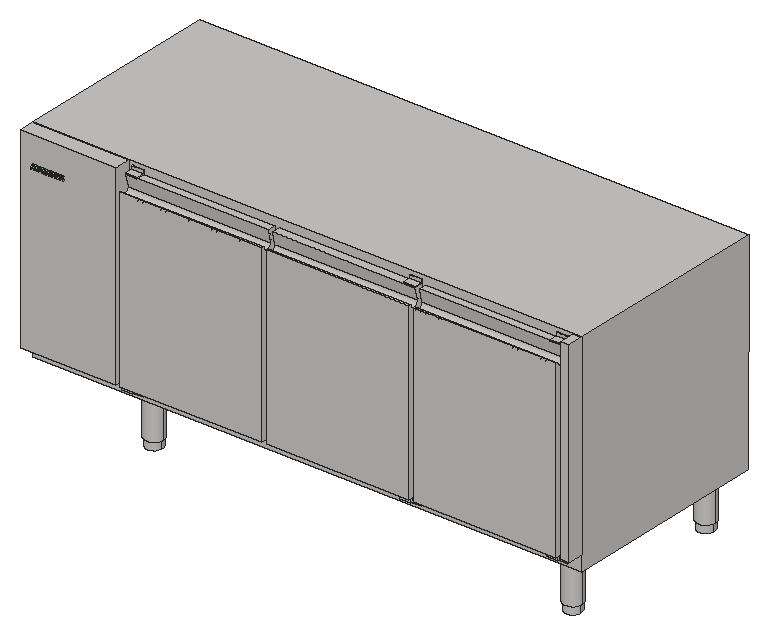
Revit family "QF_ALPENINOX_721123_AA3R7AAA", category Attrezzature speciali, Revit 2018 (continued)
Definition of nested family "HP_APX_BI_TN_L"
  Lines and regions (mm)
    Split face 120
      outline origin (330, -951.3, 50) x (1, 0, 0) y (0, 1, 0)
        loop
          arc (-286.464, 649.474) -> (-282.464, 653.474) -> (-286.464, 657.474) r 4
          line (-286.464, 657.474) -> (-328.464, 657.474)
    Split face 121
      outline origin (110, -951.3, 50) x (1, 0, 0) y (0, 1, 0)
        loop
          arc (-218.464, 657.474) -> (-222.464, 653.474) -> (-218.464, 649.474) r 4
          line (-218.464, 649.474) -> (-176.464, 649.474)
          arc (-176.464, 649.474) -> (-172.464, 653.474) -> (-176.464, 657.474) r 4
          line (-176.464, 657.474) -> (-218.464, 657.474)
    Split face 122
      outline origin (220, -951.3, 50) x (1, 0, 0) y (0, 1, 0)
        loop
          arc (-273.464, 657.474) -> (-277.464, 653.474) -> (-273.464, 649.474) r 4
          line (-273.464, 649.474) -> (-231.464, 649.474)
          arc (-231.464, 649.474) -> (-227.464, 653.474) -> (-231.464, 657.474) r 4
          line (-231.464, 657.474) -> (-273.464, 657.474)
    Split face 123
      outline origin (0, -975.3, 50) x (1, 0, 0) y (0, 1, 0)
        loop
          arc (-163.464, 669.474) -> (-167.464, 665.474) -> (-163.464, 661.474) r 4
          line (-163.464, 661.474) -> (-121.464, 661.474)
          arc (-121.464, 661.474) -> (-117.464, 665.474) -> (-121.464, 669.474) r 4
          line (-121.464, 669.474) -> (-163.464, 669.474)
    Split face 124
      outline origin (330, -975.3, 50) x (1, 0, 0) y (0, 1, 0)
        loop
          arc (-328.464, 669.474) -> (-332.464, 665.474) -> (-328.464, 661.474) r 4
          line (-328.464, 661.474) -> (-286.464, 661.474)
          arc (-286.464, 661.474) -> (-282.464, 665.474) -> (-286.464, 669.474) r 4
          line (-286.464, 669.474) -> (-328.464, 669.474)
    Split face 125
      outline origin (110, -975.3, 50) x (1, 0, 0) y (0, 1, 0)
        loop
          arc (-218.464, 669.474) -> (-222.464, 665.474) -> (-218.464, 661.474) r 4
          line (-218.464, 661.474) -> (-176.464, 661.474)
          arc (-176.464, 661.474) -> (-172.464, 665.474) -> (-176.464, 669.474) r 4
          line (-176.464, 669.474) -> (-218.464, 669.474)
    Split face 126
      outline origin (220, -975.3, 50) x (1, 0, 0) y (0, 1, 0)
        loop
          arc (-273.464, 669.474) -> (-277.464, 665.474) -> (-273.464, 661.474) r 4
          line (-273.464, 661.474) -> (-231.464, 661.474)
          arc (-231.464, 661.474) -> (-227.464, 665.474) -> (-231.464, 669.474) r 4
          line (-231.464, 669.474) -> (-273.464, 669.474)
    Split face 127
      outline origin (0, -999.3, 50) x (1, 0, 0) y (0, 1, 0)
        loop
          arc (-163.464, 681.474) -> (-167.464, 677.474) -> (-163.464, 673.474) r 4
          line (-163.464, 673.474) -> (-121.464, 673.474)
          arc (-121.464, 673.474) -> (-117.464, 677.474) -> (-121.464, 681.474) r 4
          line (-121.464, 681.474) -> (-163.464, 681.474)
    Split face 128
      outline origin (330, -999.3, 50) x (1, 0, 0) y (0, 1, 0)
        loop
          arc (-328.464, 681.474) -> (-332.464, 677.474) -> (-328.464, 673.474) r 4
          line (-328.464, 673.474) -> (-286.464, 673.474)
          arc (-286.464, 673.474) -> (-282.464, 677.474) -> (-286.464, 681.474) r 4
          line (-286.464, 681.474) -> (-328.464, 681.474)
    Split face 129
      outline origin (110, -999.3, 50) x (1, 0, 0) y (0, 1, 0)
        loop
          arc (-218.464, 681.474) -> (-222.464, 677.474) -> (-218.464, 673.474) r 4
          line (-218.464, 673.474) -> (-176.464, 673.474)
          arc (-176.464, 673.474) -> (-172.464, 677.474) -> (-176.464, 681.474) r 4
          line (-176.464, 681.474) -> (-218.464, 681.474)
    Split face 130
      outline origin (220, -999.3, 50) x (1, 0, 0) y (0, 1, 0)
        loop
          arc (-273.464, 681.474) -> (-277.464, 677.474) -> (-273.464, 673.474) r 4
          line (-273.464, 673.474) -> (-231.464, 673.474)
          arc (-231.464, 673.474) -> (-227.464, 677.474) -> (-231.464, 681.474) r 4
          line (-231.464, 681.474) -> (-273.464, 681.474)
    Split face 131
      outline origin (0, -1023.3, 50) x (1, 0, 0) y (0, 1, 0)
        loop
          arc (-163.464, 693.474) -> (-167.464, 689.474) -> (-163.464, 685.474) r 4
          line (-163.464, 685.474) -> (-121.464, 685.474)
          arc (-121.464, 685.474) -> (-117.464, 689.474) -> (-121.464, 693.474) r 4
          line (-121.464, 693.474) -> (-163.464, 693.474)
    Split face 132
      outline origin (330, -1023.3, 50) x (1, 0, 0) y (0, 1, 0)
        loop
          arc (-328.464, 693.474) -> (-332.464, 689.474) -> (-328.464, 685.474) r 4
          line (-328.464, 685.474) -> (-286.464, 685.474)
          arc (-286.464, 685.474) -> (-282.464, 689.474) -> (-286.464, 693.474) r 4
          line (-286.464, 693.474) -> (-328.464, 693.474)
    Split face 133
      outline origin (110, -1023.3, 50) x (1, 0, 0) y (0, 1, 0)
        loop
          arc (-218.464, 693.474) -> (-222.464, 689.474) -> (-218.464, 685.474) r 4
          line (-218.464, 685.474) -> (-176.464, 685.474)
          arc (-176.464, 685.474) -> (-172.464, 689.474) -> (-176.464, 693.474) r 4
          line (-176.464, 693.474) -> (-218.464, 693.474)
    Split face 134
      outline origin (220, -1023.3, 50) x (1, 0, 0) y (0, 1, 0)
        loop
          arc (-273.464, 693.474) -> (-277.464, 689.474) -> (-273.464, 685.474) r 4
          line (-273.464, 685.474) -> (-231.464, 685.474)
          arc (-231.464, 685.474) -> (-227.464, 689.474) -> (-231.464, 693.474) r 4
          line (-231.464, 693.474) -> (-273.464, 693.474)
    symbolic lines
      curve 1: line (87.08, -49, 50) -> (87.08, -49, 0)
  Dimensions and locks
    equal spacing: plane 6, plane 1 "Center (Front/Back)", plane 7
    equal spacing: plane 4, plane 3 "Center (Left/Right)", plane 5
    aligned and locked: plane 2 to Extrusion 1
    aligned and locked: level to Extrusion 1
  Automatic sketch dimensions
    Split face 5 sketch curve to Split face 5 sketch curve = 42 mm
    Split face 5 sketch curve to Split face 5 sketch curve = 4 mm
    Split face 6 sketch curve to Split face 6 sketch curve = 42 mm
    Split face 6 sketch curve to Split face 6 sketch curve = 4 mm
    Split face 7 sketch curve to Split face 7 sketch curve = 42 mm
    Split face 7 sketch curve to Split face 7 sketch curve = 4 mm
    Split face 8 sketch curve to Split face 8 sketch curve = 42 mm
    Split face 8 sketch curve to Split face 8 sketch curve = 4 mm
    Split face 9 sketch curve to Split face 9 sketch curve = 42 mm
    Split face 9 sketch curve to Split face 9 sketch curve = 4 mm
    Split face 10 sketch curve to Split face 10 sketch curve = 42 mm
    Split face 10 sketch curve to Split face 10 sketch curve = 4 mm
    Split face 11 sketch curve to Split face 11 sketch curve = 42 mm
    Split face 11 sketch curve to Split face 11 sketch curve = 4 mm
    Split face 12 sketch curve to Split face 12 sketch curve = 42 mm
    Split face 12 sketch curve to Split face 12 sketch curve = 4 mm
    Split face 13 sketch curve to Split face 13 sketch curve = 42 mm
    Split face 13 sketch curve to Split face 13 sketch curve = 4 mm
    Split face 14 sketch curve to Split face 14 sketch curve = 42 mm
    Split face 14 sketch curve to Split face 14 sketch curve = 4 mm
    Split face 15 sketch curve to Split face 15 sketch curve = 42 mm
    Split face 15 sketch curve to Split face 15 sketch curve = 4 mm
    Split face 16 sketch curve to Split face 16 sketch curve = 42 mm
    Split face 16 sketch curve to Split face 16 sketch curve = 4 mm
    Split face 17 sketch curve to Split face 17 sketch curve = 42 mm
    Split face 17 sketch curve to Split face 17 sketch curve = 4 mm
    Split face 18 sketch curve to Split face 18 sketch curve = 42 mm
    Split face 18 sketch curve to Split face 18 sketch curve = 4 mm
    Split face 19 sketch curve to Split face 19 sketch curve = 42 mm
    Split face 19 sketch curve to Split face 19 sketch curve = 4 mm
    Split face 20 sketch curve to Split face 20 sketch curve = 42 mm
    Split face 20 sketch curve to Split face 20 sketch curve = 4 mm
    Split face 21 sketch curve to Split face 21 sketch curve = 42 mm
    Split face 21 sketch curve to Split face 21 sketch curve = 4 mm
    Split face 22 sketch curve to Split face 22 sketch curve = 42 mm
    Split face 22 sketch curve to Split face 22 sketch curve = 4 mm
    Split face 23 sketch curve to Split face 23 sketch curve = 42 mm
    Split face 23 sketch curve to Split face 23 sketch curve = 4 mm
    Split face 24 sketch curve to Split face 24 sketch curve = 42 mm
    Split face 24 sketch curve to Split face 24 sketch curve = 4 mm
    Split face 25 sketch curve to Split face 25 sketch curve = 42 mm
    Split face 25 sketch curve to Split face 25 sketch curve = 4 mm
    Split face 26 sketch curve to Split face 26 sketch curve = 42 mm
    Split face 26 sketch curve to Split face 26 sketch curve = 4 mm
    Split face 27 sketch curve to Split face 27 sketch curve = 42 mm
    Split face 27 sketch curve to Split face 27 sketch curve = 4 mm
    Split face 28 sketch curve to Split face 28 sketch curve = 42 mm
    Split face 28 sketch curve to Split face 28 sketch curve = 4 mm
    Split face 29 sketch curve to Split face 29 sketch curve = 42 mm
    Split face 29 sketch curve to Split face 29 sketch curve = 4 mm
    Split face 30 sketch curve to Split face 30 sketch curve = 42 mm
    Split face 30 sketch curve to Split face 30 sketch curve = 4 mm
    Split face 31 sketch curve to Split face 31 sketch curve = 42 mm
    Split face 31 sketch curve to Split face 31 sketch curve = 4 mm
    Split face 32 sketch curve to Split face 32 sketch curve = 42 mm
    Split face 32 sketch curve to Split face 32 sketch curve = 4 mm
    Split face 33 sketch curve to Split face 33 sketch curve = 42 mm
    Split face 33 sketch curve to Split face 33 sketch curve = 4 mm
    Split face 34 sketch curve to Split face 34 sketch curve = 42 mm
    Split face 34 sketch curve to Split face 34 sketch curve = 4 mm
    Split face 35 sketch curve to Split face 35 sketch curve = 42 mm
    Split face 35 sketch curve to Split face 35 sketch curve = 4 mm
    Split face 36 sketch curve to Split face 36 sketch curve = 42 mm
    Split face 36 sketch curve to Split face 36 sketch curve = 4 mm
    Split face 37 sketch curve to Split face 37 sketch curve = 42 mm
    Split face 37 sketch curve to Split face 37 sketch curve = 4 mm
    Split face 38 sketch curve to Split face 38 sketch curve = 42 mm
    Split face 38 sketch curve to Split face 38 sketch curve = 4 mm
    Split face 39 sketch curve to Split face 39 sketch curve = 42 mm
    Split face 39 sketch curve to Split face 39 sketch curve = 4 mm
    Split face 40 sketch curve to Split face 40 sketch curve = 42 mm
    Split face 40 sketch curve to Split face 40 sketch curve = 4 mm
    Split face 41 sketch curve to Split face 41 sketch curve = 42 mm
    Split face 41 sketch curve to Split face 41 sketch curve = 4 mm
    Split face 42 sketch curve to Split face 42 sketch curve = 42 mm
    Split face 42 sketch curve to Split face 42 sketch curve = 4 mm
    Split face 43 sketch curve to Split face 43 sketch curve = 42 mm
    Split face 43 sketch curve to Split face 43 sketch curve = 4 mm
    Split face 44 sketch curve to Split face 44 sketch curve = 42 mm
    Split face 44 sketch curve to Split face 44 sketch curve = 4 mm
    Split face 45 sketch curve to Split face 45 sketch curve = 42 mm
    Split face 45 sketch curve to Split face 45 sketch curve = 4 mm
    Split face 46 sketch curve to Split face 46 sketch curve = 42 mm
    Split face 46 sketch curve to Split face 46 sketch curve = 4 mm
    Split face 47 sketch curve to Split face 47 sketch curve = 42 mm
    Split face 47 sketch curve to Split face 47 sketch curve = 4 mm
    Split face 48 sketch curve to Split face 48 sketch curve = 42 mm
    Split face 48 sketch curve to Split face 48 sketch curve = 4 mm
    Split face 49 sketch curve to Split face 49 sketch curve = 42 mm
    Split face 49 sketch curve to Split face 49 sketch curve = 4 mm
    Split face 50 sketch curve to Split face 50 sketch curve = 42 mm
    Split face 50 sketch curve to Split face 50 sketch curve = 4 mm
    Split face 51 sketch curve to Split face 51 sketch curve = 42 mm
    Split face 51 sketch curve to Split face 51 sketch curve = 4 mm
    Split face 52 sketch curve to Split face 52 sketch curve = 42 mm
    Split face 52 sketch curve to Split face 52 sketch curve = 4 mm
    Split face 53 sketch curve to Split face 53 sketch curve = 42 mm
    Split face 53 sketch curve to Split face 53 sketch curve = 4 mm
    Split face 54 sketch curve to Split face 54 sketch curve = 42 mm
    Split face 54 sketch curve to Split face 54 sketch curve = 4 mm
    Split face 55 sketch curve to Split face 55 sketch curve = 42 mm
    Split face 55 sketch curve to Split face 55 sketch curve = 4 mm
    Split face 56 sketch curve to Split face 56 sketch curve = 42 mm
    Split face 56 sketch curve to Split face 56 sketch curve = 4 mm
    Split face 57 sketch curve to Split face 57 sketch curve = 42 mm
    Split face 57 sketch curve to Split face 57 sketch curve = 4 mm
    Split face 58 sketch curve to Split face 58 sketch curve = 42 mm
    Split face 58 sketch curve to Split face 58 sketch curve = 4 mm
    Split face 59 sketch curve to Split face 59 sketch curve = 42 mm
    Split face 59 sketch curve to Split face 59 sketch curve = 4 mm
    Split face 60 sketch curve to Split face 60 sketch curve = 42 mm
    Split face 60 sketch curve to Split face 60 sketch curve = 4 mm
    Split face 61 sketch curve to Split face 61 sketch curve = 42 mm
    Split face 61 sketch curve to Split face 61 sketch curve = 4 mm
    Split face 62 sketch curve to Split face 62 sketch curve = 42 mm
    Split face 62 sketch curve to Split face 62 sketch curve = 4 mm
    Split face 63 sketch curve to Split face 63 sketch curve = 42 mm
    Split face 63 sketch curve to Split face 63 sketch curve = 4 mm
    Split face 64 sketch curve to Split face 64 sketch curve = 42 mm
    Split face 64 sketch curve to Split face 64 sketch curve = 4 mm
    Split face 65 sketch curve to Split face 65 sketch curve = 42 mm
    Split face 65 sketch curve to Split face 65 sketch curve = 4 mm
    Split face 66 sketch curve to Split face 66 sketch curve = 42 mm
    Split face 66 sketch curve to Split face 66 sketch curve = 4 mm
    Split face 67 sketch curve to Split face 67 sketch curve = 42 mm
    Split face 67 sketch curve to Split face 67 sketch curve = 4 mm
    Split face 68 sketch curve to Split face 68 sketch curve = 42 mm
    Split face 68 sketch curve to Split face 68 sketch curve = 4 mm
    Split face 69 sketch curve to Split face 69 sketch curve = 42 mm
    Split face 69 sketch curve to Split face 69 sketch curve = 4 mm
    Split face 71 sketch curve to Split face 71 sketch curve = 42 mm
    Split face 71 sketch curve to Split face 71 sketch curve = 4 mm
    Split face 72 sketch curve to Split face 72 sketch curve = 42 mm
    Split face 72 sketch curve to Split face 72 sketch curve = 4 mm
    Split face 73 sketch curve to Split face 73 sketch curve = 42 mm
    Split face 73 sketch curve to Split face 73 sketch curve = 4 mm
    Split face 74 sketch curve to Split face 74 sketch curve = 42 mm
    Split face 74 sketch curve to Split face 74 sketch curve = 4 mm
    Split face 75 sketch curve to Split face 75 sketch curve = 42 mm
    Split face 75 sketch curve to Split face 75 sketch curve = 4 mm
    Split face 76 sketch curve to Split face 76 sketch curve = 42 mm
    Split face 76 sketch curve to Split face 76 sketch curve = 4 mm
    Split face 77 sketch curve to Split face 77 sketch curve = 42 mm
    Split face 77 sketch curve to Split face 77 sketch curve = 4 mm
    Split face 78 sketch curve to Split face 78 sketch curve = 42 mm
    Split face 78 sketch curve to Split face 78 sketch curve = 4 mm
    Split face 79 sketch curve to Split face 79 sketch curve = 42 mm
    Split face 79 sketch curve to Split face 79 sketch curve = 4 mm
    Split face 80 sketch curve to Split face 80 sketch curve = 42 mm
    Split face 80 sketch curve to Split face 80 sketch curve = 4 mm
    Split face 81 sketch curve to Split face 81 sketch curve = 42 mm
    Split face 81 sketch curve to Split face 81 sketch curve = 4 mm
    Split face 82 sketch curve to Split face 82 sketch curve = 42 mm
    Split face 82 sketch curve to Split face 82 sketch curve = 4 mm
    Split face 83 sketch curve to Split face 83 sketch curve = 42 mm
    Split face 83 sketch curve to Split face 83 sketch curve = 4 mm
    Split face 84 sketch curve to Split face 84 sketch curve = 42 mm
    Split face 84 sketch curve to Split face 84 sketch curve = 4 mm
    Split face 85 sketch curve to Split face 85 sketch curve = 42 mm
    Split face 85 sketch curve to Split face 85 sketch curve = 4 mm
    Split face 86 sketch curve to Split face 86 sketch curve = 42 mm
    Split face 86 sketch curve to Split face 86 sketch curve = 4 mm
    Split face 87 sketch curve to Split face 87 sketch curve = 42 mm
    Split face 87 sketch curve to Split face 87 sketch curve = 4 mm
    Split face 88 sketch curve to Split face 88 sketch curve = 42 mm
    Split face 88 sketch curve to Split face 88 sketch curve = 4 mm
    Split face 89 sketch curve to Split face 89 sketch curve = 42 mm
    Split face 89 sketch curve to Split face 89 sketch curve = 4 mm
    Split face 90 sketch curve to Split face 90 sketch curve = 42 mm
    Split face 90 sketch curve to Split face 90 sketch curve = 4 mm
    Split face 91 sketch curve to Split face 91 sketch curve = 42 mm
    Split face 91 sketch curve to Split face 91 sketch curve = 4 mm
    Split face 92 sketch curve to Split face 92 sketch curve = 42 mm
    Split face 92 sketch curve to Split face 92 sketch curve = 4 mm
    Split face 93 sketch curve to Split face 93 sketch curve = 42 mm
    Split face 93 sketch curve to Split face 93 sketch curve = 4 mm
    Split face 94 sketch curve to Split face 94 sketch curve = 42 mm
    Split face 94 sketch curve to Split face 94 sketch curve = 4 mm
    Split face 95 sketch curve to Split face 95 sketch curve = 42 mm
    Split face 95 sketch curve to Split face 95 sketch curve = 4 mm
    Split face 96 sketch curve to Split face 96 sketch curve = 42 mm
    Split face 96 sketch curve to Split face 96 sketch curve = 4 mm
    Split face 97 sketch curve to Split face 97 sketch curve = 42 mm
    Split face 97 sketch curve to Split face 97 sketch curve = 4 mm
    Split face 98 sketch curve to Split face 98 sketch curve = 42 mm
    Split face 98 sketch curve to Split face 98 sketch curve = 4 mm
    Split face 99 sketch curve to Split face 99 sketch curve = 42 mm
    Split face 99 sketch curve to Split face 99 sketch curve = 4 mm
    Split face 100 sketch curve to Split face 100 sketch curve = 42 mm
    Split face 100 sketch curve to Split face 100 sketch curve = 4 mm
    Split face 101 sketch curve to Split face 101 sketch curve = 42 mm
    Split face 101 sketch curve to Split face 101 sketch curve = 4 mm
    Split face 102 sketch curve to Split face 102 sketch curve = 42 mm
    Split face 102 sketch curve to Split face 102 sketch curve = 4 mm
    Split face 103 sketch curve to Split face 103 sketch curve = 42 mm
    Split face 103 sketch curve to Split face 103 sketch curve = 4 mm
    Split face 104 sketch curve to Split face 104 sketch curve = 42 mm
    Split face 104 sketch curve to Split face 104 sketch curve = 4 mm
    Split face 105 sketch curve to Split face 105 sketch curve = 42 mm
    Split face 105 sketch curve to Split face 105 sketch curve = 4 mm
    Split face 106 sketch curve to Split face 106 sketch curve = 42 mm
    Split face 106 sketch curve to Split face 106 sketch curve = 4 mm
    Split face 107 sketch curve to Split face 107 sketch curve = 42 mm
    Split face 107 sketch curve to Split face 107 sketch curve = 4 mm
    Split face 108 sketch curve to Split face 108 sketch curve = 42 mm
    Split face 108 sketch curve to Split face 108 sketch curve = 4 mm
    Split face 109 sketch curve to Split face 109 sketch curve = 42 mm
    Split face 109 sketch curve to Split face 109 sketch curve = 4 mm
    Split face 110 sketch curve to Split face 110 sketch curve = 42 mm
    Split face 110 sketch curve to Split face 110 sketch curve = 4 mm
    Split face 111 sketch curve to Split face 111 sketch curve = 42 mm
    Split face 111 sketch curve to Split face 111 sketch curve = 4 mm
    Split face 112 sketch curve to Split face 112 sketch curve = 42 mm
    Split face 112 sketch curve to Split face 112 sketch curve = 4 mm
    Split face 113 sketch curve to Split face 113 sketch curve = 42 mm
    Split face 113 sketch curve to Split face 113 sketch curve = 4 mm
    Split face 114 sketch curve to Split face 114 sketch curve = 42 mm
    Split face 114 sketch curve to Split face 114 sketch curve = 4 mm
    Split face 115 sketch curve to Split face 115 sketch curve = 42 mm
    Split face 115 sketch curve to Split face 115 sketch curve = 4 mm
    Split face 116 sketch curve to Split face 116 sketch curve = 42 mm
    Split face 116 sketch curve to Split face 116 sketch curve = 4 mm
    Split face 117 sketch curve to Split face 117 sketch curve = 42 mm
    Split face 117 sketch curve to Split face 117 sketch curve = 4 mm
    Split face 118 sketch curve to Split face 118 sketch curve = 42 mm
    Split face 118 sketch curve to Split face 118 sketch curve = 4 mm
    Split face 119 sketch curve to Split face 119 sketch curve = 42 mm
    Split face 119 sketch curve to Split face 119 sketch curve = 4 mm
    Split face 120 sketch curve to Split face 120 sketch curve = 42 mm
    Split face 120 sketch curve to Split face 120 sketch curve = 4 mm
    Split face 121 sketch curve to Split face 121 sketch curve = 42 mm
    Split face 121 sketch curve to Split face 121 sketch curve = 4 mm
    Split face 122 sketch curve to Split face 122 sketch curve = 42 mm
    Split face 122 sketch curve to Split face 122 sketch curve = 4 mm
    Split face 123 sketch curve to Split face 123 sketch curve = 42 mm
    Split face 123 sketch curve to Split face 123 sketch curve = 4 mm
    Split face 124 sketch curve to Split face 124 sketch curve = 42 mm
    Split face 124 sketch curve to Split face 124 sketch curve = 4 mm
    Split face 125 sketch curve to Split face 125 sketch curve = 42 mm
    Split face 125 sketch curve to Split face 125 sketch curve = 4 mm
    Split face 126 sketch curve to Split face 126 sketch curve = 42 mm
    Split face 126 sketch curve to Split face 126 sketch curve = 4 mm
    Split face 127 sketch curve to Split face 127 sketch curve = 42 mm
    Split face 127 sketch curve to Split face 127 sketch curve = 4 mm
    Split face 128 sketch curve to Split face 128 sketch curve = 42 mm
    Split face 128 sketch curve to Split face 128 sketch curve = 4 mm
    Split face 129 sketch curve to Split face 129 sketch curve = 42 mm
    Split face 129 sketch curve to Split face 129 sketch curve = 4 mm
    Split face 130 sketch curve to Split face 130 sketch curve = 42 mm
    Split face 130 sketch curve to Split face 130 sketch curve = 4 mm
    Split face 131 sketch curve to Split face 131 sketch curve = 42 mm
    Split face 131 sketch curve to Split face 131 sketch curve = 4 mm
    Split face 132 sketch curve to Split face 132 sketch curve = 42 mm
    Split face 132 sketch curve to Split face 132 sketch curve = 4 mm
    Split face 133 sketch curve to Split face 133 sketch curve = 42 mm
    Split face 133 sketch curve to Split face 133 sketch curve = 4 mm
    Split face 134 sketch curve to Split face 134 sketch curve = 42 mm
    Split face 134 sketch curve to Split face 134 sketch curve = 4 mm
    Extrusion 1 sketch curve to Extrusion 1 sketch curve = 2438.4 mm  (x2)
    Extrusion 2 sketch curve to plane 4 = 0 mm
    Extrusion 2 sketch curve to plane 5 = 0 mm
    Extrusion 2 sketch curve to plane 7 = 0 mm
    Extrusion 2 sketch curve to plane 6 = 0 mm
    Split face 1 sketch curve to Extrusion 2 = 0 mm  (x2)
    Split face 1 sketch curve to Extrusion 2 = 34 mm
    Split face 1 sketch curve to Extrusion 2 = 104 mm
    Split face 1 sketch curve to Split face 1 sketch curve = 17.5 mm
    Split face 2 sketch curve to Extrusion 2 = 130.5 mm
    Split face 2 sketch curve to Extrusion 2 = 60.5 mm
    Split face 2 sketch curve to Extrusion 2 = 98 mm
    Split face 2 sketch curve to Split face 2 sketch curve = 23 mm
    Split face 3 sketch curve to Extrusion 2 = 80.5 mm
    Split face 3 sketch curve to Split face 3 sketch curve = 17 mm  (x2)
    Split face 3 sketch curve to Extrusion 2 = 95 mm
    plane 4 to Extrusion 3 sketch curve = 34.51 mm
    Extrusion 3 sketch curve to Extrusion 3 sketch curve = 1.266 mm
    Extrusion 3 sketch curve to Extrusion 3 sketch curve = 1.307 mm
    Extrusion 3 sketch curve to Extrusion 3 sketch curve = 0.57 mm
    Extrusion 3 sketch curve to Extrusion 3 sketch curve = 0.593 mm
    Extrusion 3 sketch curve to Extrusion 3 sketch curve = 0.799 mm
    Extrusion 3 sketch curve to Extrusion 3 sketch curve = 1.99 mm  (x2)
    Extrusion 3 sketch curve to Extrusion 3 sketch curve = 0.003 mm
    Extrusion 3 sketch curve to Extrusion 3 sketch curve = 3.534 mm
    Extrusion 3 sketch curve to Extrusion 3 sketch curve = 0.835 mm
    Extrusion 3 sketch curve to Extrusion 3 sketch curve = 0.56 mm
    Extrusion 3 sketch curve to Extrusion 3 sketch curve = 1.268 mm
    Extrusion 3 sketch curve to Extrusion 3 sketch curve = 1.223 mm
    Extrusion 3 sketch curve to Extrusion 3 sketch curve = 1.344 mm
    Extrusion 3 sketch curve to Extrusion 3 sketch curve = 1.394 mm  (x2)
    Extrusion 3 sketch curve to Extrusion 3 sketch curve = 1.512 mm
    Extrusion 3 sketch curve to Extrusion 3 sketch curve = 3.309 mm
    Extrusion 3 sketch curve to Extrusion 3 sketch curve = 5.841 mm
    Extrusion 3 sketch curve to Extrusion 3 sketch curve = 1.393 mm
    Extrusion 3 sketch curve to Extrusion 3 sketch curve = 1.439 mm
    Extrusion 3 sketch curve to Extrusion 3 sketch curve = 0 mm  (x19)
    Extrusion 3 sketch curve to Extrusion 3 sketch curve = 1.902 mm
    Extrusion 3 sketch curve to Extrusion 3 sketch curve = 0.052 mm
    Extrusion 3 sketch curve to Extrusion 3 sketch curve = 2.065 mm
    Extrusion 3 sketch curve to Extrusion 3 sketch curve = 0.647 mm
    Extrusion 3 sketch curve to Extrusion 3 sketch curve = 8.079 mm
    Extrusion 3 sketch curve to Extrusion 3 sketch curve = 0.073 mm
    Extrusion 3 sketch curve to Extrusion 3 sketch curve = 2.145 mm
    Extrusion 3 sketch curve to Extrusion 3 sketch curve = 2.931 mm
    Extrusion 3 sketch curve to Extrusion 3 sketch curve = 0.213 mm
    Extrusion 3 sketch curve to Extrusion 3 sketch curve = 0.026 mm
    Extrusion 3 sketch curve to Extrusion 3 sketch curve = 0.263 mm
    Extrusion 3 sketch curve to Extrusion 3 sketch curve = 0.516 mm
    Extrusion 3 sketch curve to Extrusion 3 sketch curve = 0.356 mm
    Extrusion 3 sketch curve to Extrusion 3 sketch curve = 0.387 mm
    Extrusion 3 sketch curve to Extrusion 3 sketch curve = 2.378 mm
    Extrusion 3 sketch curve to Extrusion 3 sketch curve = 2.466 mm
    Extrusion 3 sketch curve to Extrusion 3 sketch curve = 0.602 mm
    Extrusion 3 sketch curve to Extrusion 3 sketch curve = 1.02 mm
    Extrusion 3 sketch curve to Extrusion 3 sketch curve = 0.949 mm
    Extrusion 3 sketch curve to Extrusion 3 sketch curve = 1.728 mm
    Extrusion 3 sketch curve to Extrusion 3 sketch curve = 0.157 mm  (x2)
    Extrusion 3 sketch curve to Extrusion 3 sketch curve = 0.292 mm
    Extrusion 3 sketch curve to Extrusion 3 sketch curve = 3.565 mm
    Extrusion 3 sketch curve to Extrusion 3 sketch curve = 1.396 mm  (x2)
    Extrusion 3 sketch curve to Extrusion 3 sketch curve = 1.418 mm  (x2)
    Extrusion 3 sketch curve to Extrusion 3 sketch curve = 1.151 mm  (x2)
    Extrusion 3 sketch curve to Extrusion 3 sketch curve = 5.709 mm  (x2)
    Extrusion 3 sketch curve to Extrusion 3 sketch curve = 0.224 mm  (x2)
    Extrusion 3 sketch curve to Extrusion 3 sketch curve = 1.149 mm  (x2)
    Extrusion 3 sketch curve to Extrusion 3 sketch curve = 1.395 mm  (x2)
    Extrusion 3 sketch curve to Extrusion 3 sketch curve = 1.744 mm
    Extrusion 3 sketch curve to Extrusion 3 sketch curve = 1.745 mm
    Extrusion 3 sketch curve to Extrusion 3 sketch curve = 6.963 mm
    Extrusion 3 sketch curve to Extrusion 3 sketch curve = 0.493 mm  (x3)
    Extrusion 3 sketch curve to Extrusion 3 sketch curve = 0.273 mm  (x2)
    Extrusion 3 sketch curve to Extrusion 3 sketch curve = 0.021 mm  (x2)
    Extrusion 3 sketch curve to Extrusion 3 sketch curve = 0.226 mm  (x2)
    Extrusion 3 sketch curve to Extrusion 3 sketch curve = 0.268 mm  (x2)
    Extrusion 3 sketch curve to Extrusion 3 sketch curve = 0.294 mm
    Extrusion 3 sketch curve to Extrusion 3 sketch curve = 5.238 mm
    Extrusion 3 sketch curve to Extrusion 3 sketch curve = 5.908 mm
    Extrusion 3 sketch curve to Extrusion 3 sketch curve = 1.109 mm  (x2)
    Extrusion 3 sketch curve to Extrusion 3 sketch curve = 1.108 mm  (x2)
    Extrusion 3 sketch curve to Extrusion 3 sketch curve = 1.142 mm  (x2)
    Extrusion 3 sketch curve to Extrusion 3 sketch curve = 1.216 mm  (x2)
    Extrusion 3 sketch curve to Extrusion 3 sketch curve = 3.013 mm
    Extrusion 3 sketch curve to Extrusion 3 sketch curve = 1.616 mm  (x3)
    Extrusion 3 sketch curve to Extrusion 3 sketch curve = 2.305 mm
    Extrusion 3 sketch curve to Extrusion 3 sketch curve = 3.049 mm
    Extrusion 3 sketch curve to plane 6 = 93.469 mm
    Extrusion 3 sketch curve to Extrusion 3 sketch curve = 0.498 mm
    Extrusion 3 sketch curve to Extrusion 3 sketch curve = 0.682 mm
    Extrusion 3 sketch curve to Extrusion 3 sketch curve = 0.664 mm
    Extrusion 3 sketch curve to Extrusion 3 sketch curve = 0.425 mm
    Extrusion 3 sketch curve to Extrusion 3 sketch curve = 0.41 mm
    Extrusion 3 sketch curve to Extrusion 3 sketch curve = 1.272 mm
    Extrusion 3 sketch curve to Extrusion 3 sketch curve = 0.789 mm  (x2)
    Extrusion 3 sketch curve to Extrusion 3 sketch curve = 0.056 mm
    Extrusion 3 sketch curve to Extrusion 3 sketch curve = 0.83 mm
    Extrusion 3 sketch curve to Extrusion 3 sketch curve = 1.238 mm
    Extrusion 3 sketch curve to Extrusion 3 sketch curve = 1.732 mm
    Extrusion 3 sketch curve to Extrusion 3 sketch curve = 0.346 mm
    Extrusion 3 sketch curve to Extrusion 3 sketch curve = 1.123 mm
    Extrusion 3 sketch curve to Extrusion 3 sketch curve = 3.023 mm
    Extrusion 3 sketch curve to Extrusion 3 sketch curve = 4.203 mm
    Extrusion 3 sketch curve to Extrusion 3 sketch curve = 3.452 mm  (x2)
    Extrusion 3 sketch curve to Extrusion 3 sketch curve = 2.544 mm
    Extrusion 3 sketch curve to Extrusion 3 sketch curve = 1.177 mm
    Extrusion 3 sketch curve to Extrusion 3 sketch curve = 3.261 mm
    Extrusion 3 sketch curve to Extrusion 3 sketch curve = 0.352 mm  (x2)
    Extrusion 3 sketch curve to Extrusion 3 sketch curve = 1.987 mm
    Extrusion 3 sketch curve to Extrusion 3 sketch curve = 0.171 mm
    Extrusion 3 sketch curve to Extrusion 3 sketch curve = 0.533 mm  (x3)
    Extrusion 3 sketch curve to Extrusion 3 sketch curve = 0.14 mm  (x4)
    Extrusion 3 sketch curve to Extrusion 3 sketch curve = 0.473 mm
    Extrusion 3 sketch curve to Extrusion 3 sketch curve = 0.31 mm  (x2)
    Extrusion 3 sketch curve to Extrusion 3 sketch curve = 0.075 mm
    Extrusion 3 sketch curve to Extrusion 3 sketch curve = 2.431 mm
    Extrusion 3 sketch curve to Extrusion 3 sketch curve = 2.32 mm  (x2)
    Extrusion 3 sketch curve to Extrusion 3 sketch curve = 1.992 mm
    Extrusion 3 sketch curve to Extrusion 3 sketch curve = 0.674 mm
    Extrusion 3 sketch curve to Extrusion 3 sketch curve = 0.732 mm
    Extrusion 3 sketch curve to Extrusion 3 sketch curve = 0.388 mm
    Extrusion 3 sketch curve to Extrusion 3 sketch curve = 0.121 mm
    Extrusion 3 sketch curve to Extrusion 3 sketch curve = 2.589 mm
    Extrusion 3 sketch curve to Extrusion 3 sketch curve = 0.662 mm
    Extrusion 3 sketch curve to Extrusion 3 sketch curve = 3.473 mm
    Extrusion 3 sketch curve to Extrusion 3 sketch curve = 0.681 mm
    Extrusion 3 sketch curve to Extrusion 3 sketch curve = 1.615 mm
    Extrusion 3 sketch curve to Extrusion 3 sketch curve = 0.34 mm
    Extrusion 3 sketch curve to Extrusion 3 sketch curve = 2.288 mm
    Extrusion 3 sketch curve to Extrusion 3 sketch curve = 0.942 mm
    Extrusion 3 sketch curve to Extrusion 3 sketch curve = 5.4 mm
    Extrusion 3 sketch curve to Extrusion 3 sketch curve = 1.768 mm  (x2)
    Extrusion 3 sketch curve to Extrusion 3 sketch curve = 0.761 mm
    Extrusion 3 sketch curve to Extrusion 3 sketch curve = 0.996 mm
    Extrusion 3 sketch curve to Extrusion 3 sketch curve = 3.543 mm  (x2)
    Extrusion 3 sketch curve to Extrusion 3 sketch curve = 7.017 mm
    Extrusion 3 sketch curve to Extrusion 3 sketch curve = 0.11 mm
    Extrusion 3 sketch curve to Extrusion 3 sketch curve = 0.823 mm  (x2)
    Extrusion 3 sketch curve to Extrusion 3 sketch curve = 0.947 mm
    Extrusion 3 sketch curve to Extrusion 3 sketch curve = 3.837 mm
    Extrusion 3 sketch curve to Extrusion 3 sketch curve = 0.623 mm
    Extrusion 3 sketch curve to Extrusion 3 sketch curve = 1.082 mm
    Extrusion 3 sketch curve to Extrusion 3 sketch curve = 0.801 mm
    Extrusion 3 sketch curve to Extrusion 3 sketch curve = 1 mm
    Extrusion 3 sketch curve to Extrusion 3 sketch curve = 0.089 mm
    Extrusion 3 sketch curve to Extrusion 3 sketch curve = 4.257 mm
    Extrusion 3 sketch curve to Extrusion 3 sketch curve = 4.345 mm  (x2)
    Extrusion 3 sketch curve to Extrusion 3 sketch curve = 2.576 mm
    Extrusion 3 sketch curve to Extrusion 3 sketch curve = 1.385 mm  (x4)
    Extrusion 3 sketch curve to Extrusion 3 sketch curve = 2.133 mm  (x4)
    Extrusion 3 sketch curve to Extrusion 3 sketch curve = 3.518 mm
    Extrusion 3 sketch curve to Extrusion 3 sketch curve = 5.603 mm
    Extrusion 3 sketch curve to Extrusion 3 sketch curve = 2.571 mm
    Split face 4 sketch curve to Extrusion 2 = 0 mm  (x2)
    Split face 4 sketch curve to Extrusion 2 = 64 mm
    Extrusion 4 sketch curve to Extrusion 4 sketch curve = 294 mm
    Extrusion 4 sketch curve to Extrusion 4 sketch curve = 652 mm
    Split face 70 sketch curve to Extrusion 2 = 0 mm  (x2)
    Split face 70 sketch curve to Extrusion 2 = 109 mm
    Split face 5 sketch curve to Extrusion 2 = 43.456 mm
    Split face 5 sketch curve to Extrusion 2 = 128.176 mm
    Split face 6 sketch curve to Extrusion 2 = 85.544 mm
    Split face 6 sketch curve to Extrusion 2 = 128.176 mm
    Split face 7 sketch curve to Extrusion 2 = 98.456 mm
    Split face 7 sketch curve to Extrusion 2 = 128.176 mm
    Split face 8 sketch curve to Extrusion 2 = 140.544 mm
    Split face 8 sketch curve to Extrusion 2 = 128.176 mm
    Split face 10 sketch curve to Extrusion 2 = 43.456 mm
    Split face 10 sketch curve to Extrusion 2 = 140.176 mm
    Split face 11 sketch curve to Extrusion 2 = 85.544 mm
    Split face 11 sketch curve to Extrusion 2 = 140.176 mm
    Split face 12 sketch curve to Extrusion 2 = 98.456 mm
    Split face 12 sketch curve to Extrusion 2 = 140.176 mm
    Split face 13 sketch curve to Extrusion 2 = 140.544 mm
    Split face 13 sketch curve to Extrusion 2 = 140.176 mm
    Split face 14 sketch curve to Extrusion 2 = 43.456 mm
    Split face 14 sketch curve to Extrusion 2 = 152.176 mm
    Split face 15 sketch curve to Extrusion 2 = 85.544 mm
    Split face 15 sketch curve to Extrusion 2 = 152.176 mm
    Split face 16 sketch curve to Extrusion 2 = 98.456 mm
    Split face 16 sketch curve to Extrusion 2 = 152.176 mm
    Split face 17 sketch curve to Extrusion 2 = 140.544 mm
    Split face 17 sketch curve to Extrusion 2 = 152.176 mm
    Split face 18 sketch curve to Extrusion 2 = 43.456 mm
    Split face 18 sketch curve to Extrusion 2 = 164.176 mm
    Split face 19 sketch curve to Extrusion 2 = 85.544 mm
    Split face 19 sketch curve to Extrusion 2 = 164.176 mm
    Split face 20 sketch curve to Extrusion 2 = 98.456 mm
    Split face 20 sketch curve to Extrusion 2 = 164.176 mm
    Split face 21 sketch curve to Extrusion 2 = 140.544 mm
    Split face 21 sketch curve to Extrusion 2 = 164.176 mm
    Split face 22 sketch curve to Extrusion 2 = 43.456 mm
    Split face 22 sketch curve to Extrusion 2 = 176.176 mm
    Split face 23 sketch curve to Extrusion 2 = 85.544 mm
    Split face 23 sketch curve to Extrusion 2 = 176.176 mm
    Split face 24 sketch curve to Extrusion 2 = 98.456 mm
    Split face 24 sketch curve to Extrusion 2 = 176.176 mm
    Split face 25 sketch curve to Extrusion 2 = 140.544 mm
    Split face 25 sketch curve to Extrusion 2 = 176.176 mm
    Split face 26 sketch curve to Extrusion 2 = 43.456 mm
    Split face 26 sketch curve to Extrusion 2 = 188.176 mm
    Split face 27 sketch curve to Extrusion 2 = 85.544 mm
    Split face 27 sketch curve to Extrusion 2 = 188.176 mm
    Split face 28 sketch curve to Extrusion 2 = 98.456 mm
    Split face 28 sketch curve to Extrusion 2 = 188.176 mm
    Split face 29 sketch curve to Extrusion 2 = 140.544 mm
    Split face 29 sketch curve to Extrusion 2 = 188.176 mm
    Split face 30 sketch curve to Extrusion 2 = 43.456 mm
    Split face 30 sketch curve to Extrusion 2 = 200.176 mm
    Split face 31 sketch curve to Extrusion 2 = 85.544 mm
    Split face 31 sketch curve to Extrusion 2 = 200.176 mm
    Split face 32 sketch curve to Extrusion 2 = 98.456 mm
    Split face 32 sketch curve to Extrusion 2 = 200.176 mm
    Split face 33 sketch curve to Extrusion 2 = 140.544 mm
    Split face 33 sketch curve to Extrusion 2 = 200.176 mm
    Split face 34 sketch curve to Extrusion 2 = 43.456 mm
    Split face 34 sketch curve to Extrusion 2 = 212.176 mm
    Split face 35 sketch curve to Extrusion 2 = 85.544 mm
    Split face 35 sketch curve to Extrusion 2 = 212.176 mm
    Split face 36 sketch curve to Extrusion 2 = 98.456 mm
    Split face 36 sketch curve to Extrusion 2 = 212.176 mm
    Split face 37 sketch curve to Extrusion 2 = 140.544 mm
    Split face 37 sketch curve to Extrusion 2 = 212.176 mm
    Split face 38 sketch curve to Extrusion 2 = 43.456 mm
    Split face 38 sketch curve to Extrusion 2 = 224.176 mm
    Split face 39 sketch curve to Extrusion 2 = 85.544 mm
    Split face 39 sketch curve to Extrusion 2 = 224.176 mm
    Split face 40 sketch curve to Extrusion 2 = 98.456 mm
    Split face 40 sketch curve to Extrusion 2 = 224.176 mm
    Split face 41 sketch curve to Extrusion 2 = 140.544 mm
    Split face 41 sketch curve to Extrusion 2 = 224.176 mm
    Split face 42 sketch curve to Extrusion 2 = 43.456 mm
    Split face 42 sketch curve to Extrusion 2 = 236.176 mm
    Split face 43 sketch curve to Extrusion 2 = 85.544 mm
    Split face 43 sketch curve to Extrusion 2 = 236.176 mm
    Split face 44 sketch curve to Extrusion 2 = 98.456 mm
    Split face 44 sketch curve to Extrusion 2 = 236.176 mm
    Split face 45 sketch curve to Extrusion 2 = 140.544 mm
    Split face 45 sketch curve to Extrusion 2 = 236.176 mm
    Split face 46 sketch curve to Extrusion 2 = 43.456 mm
    Split face 46 sketch curve to Extrusion 2 = 248.176 mm
    Split face 47 sketch curve to Extrusion 2 = 85.544 mm
    Split face 47 sketch curve to Extrusion 2 = 248.176 mm
    Split face 48 sketch curve to Extrusion 2 = 98.456 mm
    Split face 48 sketch curve to Extrusion 2 = 248.176 mm
    Split face 49 sketch curve to Extrusion 2 = 140.544 mm
    Split face 49 sketch curve to Extrusion 2 = 248.176 mm
    Split face 50 sketch curve to Extrusion 2 = 43.456 mm
    Split face 50 sketch curve to Extrusion 2 = 260.176 mm
    Split face 51 sketch curve to Extrusion 2 = 85.544 mm
    Split face 51 sketch curve to Extrusion 2 = 260.176 mm
    Split face 52 sketch curve to Extrusion 2 = 98.456 mm
    Split face 52 sketch curve to Extrusion 2 = 260.176 mm
    Split face 53 sketch curve to Extrusion 2 = 140.544 mm
    Split face 53 sketch curve to Extrusion 2 = 260.176 mm
    Split face 54 sketch curve to Extrusion 2 = 43.456 mm
    Split face 54 sketch curve to Extrusion 2 = 272.176 mm
    Split face 55 sketch curve to Extrusion 2 = 85.544 mm
    Split face 55 sketch curve to Extrusion 2 = 272.176 mm
    Split face 56 sketch curve to Extrusion 2 = 98.456 mm
    Split face 56 sketch curve to Extrusion 2 = 272.176 mm
    Split face 57 sketch curve to Extrusion 2 = 140.544 mm
    Split face 57 sketch curve to Extrusion 2 = 272.176 mm
    Split face 58 sketch curve to Extrusion 2 = 43.456 mm
    Split face 58 sketch curve to Extrusion 2 = 284.176 mm
    Split face 59 sketch curve to Extrusion 2 = 85.544 mm
    Split face 59 sketch curve to Extrusion 2 = 284.176 mm
    Split face 60 sketch curve to Extrusion 2 = 98.456 mm
    Split face 60 sketch curve to Extrusion 2 = 284.176 mm
    Split face 61 sketch curve to Extrusion 2 = 140.544 mm
    Split face 61 sketch curve to Extrusion 2 = 284.176 mm
    Split face 62 sketch curve to Extrusion 2 = 43.456 mm
    Split face 62 sketch curve to Extrusion 2 = 296.176 mm
    Split face 63 sketch curve to Extrusion 2 = 85.544 mm
    Split face 63 sketch curve to Extrusion 2 = 296.176 mm
    Split face 64 sketch curve to Extrusion 2 = 98.456 mm
    Split face 64 sketch curve to Extrusion 2 = 296.176 mm
    Split face 65 sketch curve to Extrusion 2 = 140.544 mm
    Split face 65 sketch curve to Extrusion 2 = 296.176 mm
    Split face 66 sketch curve to Extrusion 2 = 43.456 mm
    Split face 66 sketch curve to Extrusion 2 = 308.176 mm
    Split face 67 sketch curve to Extrusion 2 = 85.544 mm
    Split face 67 sketch curve to Extrusion 2 = 308.176 mm
    Split face 68 sketch curve to Extrusion 2 = 98.456 mm
    Split face 68 sketch curve to Extrusion 2 = 308.176 mm
    Split face 69 sketch curve to Extrusion 2 = 140.544 mm
    Split face 69 sketch curve to Extrusion 2 = 308.176 mm
    Split face 71 sketch curve to Extrusion 2 = 43.456 mm
    Split face 71 sketch curve to Extrusion 2 = 192.174 mm
    Split face 72 sketch curve to Extrusion 2 = 85.544 mm
    Split face 72 sketch curve to Extrusion 2 = 192.174 mm
    Split face 73 sketch curve to Extrusion 2 = 98.456 mm
    Split face 73 sketch curve to Extrusion 2 = 192.174 mm
    Split face 74 sketch curve to Extrusion 2 = 140.544 mm
    Split face 74 sketch curve to Extrusion 2 = 192.174 mm
    Split face 75 sketch curve to Extrusion 2 = 43.456 mm
    Split face 75 sketch curve to Extrusion 2 = 180.174 mm
    Split face 76 sketch curve to Extrusion 2 = 85.544 mm
    Split face 76 sketch curve to Extrusion 2 = 180.174 mm
    Split face 77 sketch curve to Extrusion 2 = 98.456 mm
    Split face 77 sketch curve to Extrusion 2 = 180.174 mm
    Split face 78 sketch curve to Extrusion 2 = 140.544 mm
    Split face 78 sketch curve to Extrusion 2 = 180.174 mm
    Split face 79 sketch curve to Extrusion 2 = 43.456 mm
    Split face 79 sketch curve to Extrusion 2 = 168.174 mm
    Split face 80 sketch curve to Extrusion 2 = 85.544 mm
    Split face 80 sketch curve to Extrusion 2 = 168.174 mm
    Split face 81 sketch curve to Extrusion 2 = 98.456 mm
    Split face 81 sketch curve to Extrusion 2 = 168.174 mm
    Split face 82 sketch curve to Extrusion 2 = 140.544 mm
    Split face 82 sketch curve to Extrusion 2 = 168.174 mm
    Split face 83 sketch curve to Extrusion 2 = 43.456 mm
    Split face 83 sketch curve to Extrusion 2 = 156.174 mm
    Split face 84 sketch curve to Extrusion 2 = 85.544 mm
    Split face 84 sketch curve to Extrusion 2 = 156.174 mm
    Split face 85 sketch curve to Extrusion 2 = 98.456 mm
    Split face 85 sketch curve to Extrusion 2 = 156.174 mm
    Split face 86 sketch curve to Extrusion 2 = 140.544 mm
    Split face 86 sketch curve to Extrusion 2 = 156.174 mm
    Split face 87 sketch curve to Extrusion 2 = 43.456 mm
    Split face 87 sketch curve to Extrusion 2 = 144.174 mm
    Split face 88 sketch curve to Extrusion 2 = 85.544 mm
    Split face 88 sketch curve to Extrusion 2 = 144.174 mm
    Split face 89 sketch curve to Extrusion 2 = 98.456 mm
    Split face 89 sketch curve to Extrusion 2 = 144.174 mm
    Split face 90 sketch curve to Extrusion 2 = 140.544 mm
    Split face 90 sketch curve to Extrusion 2 = 144.174 mm
    Split face 91 sketch curve to Extrusion 2 = 43.456 mm
    Split face 91 sketch curve to Extrusion 2 = 132.174 mm
    Split face 92 sketch curve to Extrusion 2 = 85.544 mm
    Split face 92 sketch curve to Extrusion 2 = 132.174 mm
    Split face 93 sketch curve to Extrusion 2 = 98.456 mm
    Split face 93 sketch curve to Extrusion 2 = 132.174 mm
    Split face 94 sketch curve to Extrusion 2 = 140.544 mm
    Split face 94 sketch curve to Extrusion 2 = 132.174 mm
    Split face 95 sketch curve to Extrusion 2 = 43.456 mm
    Split face 95 sketch curve to Extrusion 2 = 120.174 mm
    Split face 96 sketch curve to Extrusion 2 = 85.544 mm
    Split face 96 sketch curve to Extrusion 2 = 120.174 mm
    Split face 97 sketch curve to Extrusion 2 = 98.456 mm
    Split face 97 sketch curve to Extrusion 2 = 120.174 mm
    Split face 98 sketch curve to Extrusion 2 = 140.544 mm
    Split face 98 sketch curve to Extrusion 2 = 120.174 mm
    Split face 99 sketch curve to Extrusion 2 = 43.456 mm
    Split face 99 sketch curve to Extrusion 2 = 108.174 mm
    Split face 100 sketch curve to Extrusion 2 = 85.544 mm
    Split face 100 sketch curve to Extrusion 2 = 108.174 mm
    Split face 101 sketch curve to Extrusion 2 = 98.456 mm
    Split face 101 sketch curve to Extrusion 2 = 108.174 mm
    Split face 102 sketch curve to Extrusion 2 = 140.544 mm
    Split face 102 sketch curve to Extrusion 2 = 108.174 mm
    Split face 103 sketch curve to Extrusion 2 = 43.456 mm
    Split face 103 sketch curve to Extrusion 2 = 96.174 mm
    Split face 104 sketch curve to Extrusion 2 = 85.544 mm
    Split face 104 sketch curve to Extrusion 2 = 96.174 mm
    Split face 105 sketch curve to Extrusion 2 = 98.456 mm
    Split face 105 sketch curve to Extrusion 2 = 96.174 mm
    Split face 106 sketch curve to Extrusion 2 = 140.544 mm
    Split face 106 sketch curve to Extrusion 2 = 96.174 mm
    Split face 107 sketch curve to Extrusion 2 = 43.456 mm
    Split face 107 sketch curve to Extrusion 2 = 84.174 mm
    Split face 108 sketch curve to Extrusion 2 = 85.544 mm
    Split face 108 sketch curve to Extrusion 2 = 84.174 mm
    Split face 109 sketch curve to Extrusion 2 = 98.456 mm
    Split face 109 sketch curve to Extrusion 2 = 84.174 mm
    Split face 110 sketch curve to Extrusion 2 = 140.544 mm
    Split face 110 sketch curve to Extrusion 2 = 84.174 mm
    Split face 111 sketch curve to Extrusion 2 = 43.456 mm
    Split face 111 sketch curve to Extrusion 2 = 72.174 mm
    Split face 112 sketch curve to Extrusion 2 = 85.544 mm
    Split face 112 sketch curve to Extrusion 2 = 72.174 mm
    Split face 113 sketch curve to Extrusion 2 = 98.456 mm
    Split face 113 sketch curve to Extrusion 2 = 72.174 mm
    Split face 114 sketch curve to Extrusion 2 = 140.544 mm
    Split face 114 sketch curve to Extrusion 2 = 72.174 mm
    Split face 115 sketch curve to Extrusion 2 = 43.456 mm
    Split face 115 sketch curve to Extrusion 2 = 60.174 mm
    Split face 116 sketch curve to Extrusion 2 = 85.544 mm
    Split face 116 sketch curve to Extrusion 2 = 60.174 mm
    Split face 117 sketch curve to Extrusion 2 = 98.456 mm
    Split face 117 sketch curve to Extrusion 2 = 60.174 mm
    Split face 118 sketch curve to Extrusion 2 = 68.174 mm
    Split face 118 sketch curve to Extrusion 2 = 140.544 mm
    Split face 119 sketch curve to Extrusion 2 = 43.456 mm
    Split face 119 sketch curve to Extrusion 2 = 48.174 mm
    Split face 120 sketch curve to Extrusion 2 = 85.544 mm
    Split face 120 sketch curve to Extrusion 2 = 48.174 mm
    Split face 121 sketch curve to Extrusion 2 = 98.456 mm
    Split face 121 sketch curve to Extrusion 2 = 48.174 mm
    Split face 122 sketch curve to Extrusion 2 = 56.174 mm
    Split face 122 sketch curve to Extrusion 2 = 140.544 mm
    Split face 123 sketch curve to Extrusion 2 = 43.456 mm
    Split face 123 sketch curve to Extrusion 2 = 36.174 mm
    Split face 124 sketch curve to Extrusion 2 = 85.544 mm
    Split face 124 sketch curve to Extrusion 2 = 36.174 mm
    Split face 125 sketch curve to Extrusion 2 = 44.174 mm
    Split face 125 sketch curve to Extrusion 2 = 98.456 mm
    Split face 126 sketch curve to Extrusion 2 = 44.174 mm
    Split face 126 sketch curve to Extrusion 2 = 140.544 mm
    Split face 127 sketch curve to Extrusion 2 = 43.456 mm
    Split face 127 sketch curve to Extrusion 2 = 24.174 mm
    Split face 128 sketch curve to Extrusion 2 = 32.174 mm
    Split face 128 sketch curve to Extrusion 2 = 85.544 mm
    Split face 129 sketch curve to Extrusion 2 = 32.174 mm
    Split face 129 sketch curve to Extrusion 2 = 98.456 mm
    Split face 130 sketch curve to Extrusion 2 = 32.174 mm
    Split face 130 sketch curve to Extrusion 2 = 140.544 mm
    Split face 131 sketch curve to Extrusion 2 = 20.174 mm
    Split face 131 sketch curve to Extrusion 2 = 43.456 mm
    Split face 132 sketch curve to Extrusion 2 = 20.174 mm
    Split face 132 sketch curve to Extrusion 2 = 85.544 mm
    Split face 133 sketch curve to Extrusion 2 = 20.174 mm
    Split face 133 sketch curve to Extrusion 2 = 98.456 mm
    Split face 134 sketch curve to Extrusion 2 = 20.174 mm
    Split face 134 sketch curve to Extrusion 2 = 140.544 mm
    curve 1 to level = 0 mm
    curve 1 to plane 5 = 0 mm
    curve 1 to curve 1 = 50 mm
Definition of nested family "HP_APX_SD_L"
  Parameters
    Show Clearance [instance] = yes
    Default Elevation = 1219.2 mm
  Reference planes
    plane 1 "Center (Front/Back)": y = 28.12
    plane 2: z = 0
    plane 3 "Center (Left/Right)": x = 0
    plane 4: x = -234
    plane 5: x = 234
  Forms (mm)
    Extrusion 1, solid
      sketch origin (0, 0, 0) x (1, 0, 0) y (0, 1, 0)
        loop
          line (-1219.2, 1219.2) -> (-1219.2, -1219.2) -> (1219.2, -1219.2) -> (1219.2, 1219.2) -> (-1219.2, 1219.2)
      from 0 to -304.8
    Extrusion 2, solid
      sketch origin (0, 53.12, -3) x (0, 1, 0) y (0, 0, 1)
        loop
          line (-314, 53) -> (-314, 3) -> (264, 3) -> (264, 29) -> (224.395, 20)
          arc (224.395, 20) -> (210.396, 33.803) -> (224, 47.994) r 14
          line (224, 47.994) -> (224, 53) -> (-314, 53)
      from -220 to 220
    Extrusion 3, solid
      sketch origin (0, 53.12, 0) x (0, 1, 0) y (0, 0, -1)
        loop
          line (-323.003, -40.312) -> (-323.003, -12.259) -> (-323.003, 0) -> (-351.511, 0) -> (-351.511, -2.5) -> (-325.503, -2.5) -> (-325.503, -42.812) -> (-316.501, -42.812) -> (-316.501, -40.312) -> (-323.003, -40.312)
        loop
          line (-314, -38.311) -> (-314, -11.804) -> (-319.752, -11.804) -> (-319.752, -14.304) -> (-316.501, -14.304) -> (-316.501, -38.311) -> (-314, -38.311)
        loop
          line (265.003, -27.948) -> (267.503, -27.948) -> (267.503, -2.5) -> (277.503, -2.5) -> (277.503, 0) -> (265.003, 0) -> (265.003, -2.948) -> (265.003, -27.948)
      from 185 to 220
    Extrusion 4, solid, visible <- "Show Clearance", detail levels coarse
      sketch origin (0, 28.12, -3) x (-1, 0, 0) y (0, 0, -1)
        loop
          line (220, -53) -> (-220, -53)
          arc (-220, -53) -> (-79.636, -340.04) -> (220, -451) r 430
          line (220, -451) -> (220, -53)
      from -289 to 289
  Lines and regions (mm)
    symbolic lines
      curve 1: arc (219.599, 0, 55) -> (95.934, 0, 321.503) -> (-170, 0, 446.39) r 430
      curve 2: line (-220, 0, 55) -> (-220, 0, 448)
      curve 3: line (-170, 0, 55) -> (-170, 0, 448)
      curve 4: line (-220, 0, 448) -> (-170, 0, 448)
  Dimensions and locks
    plane 4 to plane 3 "Center (Left/Right)" to plane 5 = 234 mm locked, 234 mm locked
    aligned and locked: plane 2 to Extrusion 1
    aligned and locked: level to Extrusion 1
Definition of nested family "HP_APX_SD_R"
  Parameters
    Show Clearance [instance] = yes
    Default Elevation = 1219.2 mm
  Reference planes
    plane 1 "Center (Front/Back)": y = 28.12
    plane 2: z = 0
    plane 3 "Center (Left/Right)": x = 0
    plane 4: x = -234
    plane 5: x = 234
  Forms (mm)
    Extrusion 1, solid
      sketch origin (0, 0, 0) x (1, 0, 0) y (0, 1, 0)
        loop
          line (-1219.2, 1219.2) -> (-1219.2, -1219.2) -> (1219.2, -1219.2) -> (1219.2, 1219.2) -> (-1219.2, 1219.2)
      from 0 to -304.8
    Extrusion 2, solid
      sketch origin (0, 53.12, -3) x (0, 1, 0) y (0, 0, 1)
        loop
          line (-314, 53) -> (-314, 3) -> (264, 3) -> (264, 29) -> (224.395, 20)
          arc (224.395, 20) -> (210.396, 33.803) -> (224, 47.994) r 14
          line (224, 47.994) -> (224, 53) -> (-314, 53)
      from -220 to 220
    Extrusion 3, solid, visible <- "Show Clearance", detail levels coarse
      sketch origin (0, 28.12, -3) x (-1, 0, 0) y (0, 0, -1)
        loop
          line (220, -53) -> (-220, -53) -> (-220, -451)
          arc (-220, -451) -> (79.636, -340.04) -> (220, -53) r 430
      from -289 to 289
    Extrusion 4, solid
      sketch origin (0, 53.12, 0) x (0, 1, 0) y (0, 0, 1)
        loop
          line (-323.003, 40.312) -> (-316.501, 40.312) -> (-316.501, 42.812) -> (-325.503, 42.812) -> (-325.503, 2.5) -> (-351.511, 2.5) -> (-351.511, 0) -> (-323.003, 0) -> (-323.003, 12.259) -> (-323.003, 40.312)
        loop
          line (-314, 38.311) -> (-316.501, 38.311) -> (-316.501, 14.304) -> (-319.752, 14.304) -> (-319.752, 11.804) -> (-314, 11.804) -> (-314, 38.311)
        loop
          line (265.003, 27.948) -> (265.003, 2.948) -> (265.003, 0) -> (277.503, 0) -> (277.503, 2.5) -> (267.503, 2.5) -> (267.503, 27.948) -> (265.003, 27.948)
      from 185 to 220
  Lines and regions (mm)
    symbolic lines
      curve 1: arc (-219.599, 0, 54.79) -> (-95.934, 0, 321.293) -> (170, 0, 446.179) r 430
      curve 2: line (220, 0, 54.79) -> (220, 0, 447.79)
      curve 3: line (170, 0, 54.79) -> (170, 0, 447.79)
      curve 4: line (220, 0, 447.79) -> (170, 0, 447.79)
  Dimensions and locks
    plane 4 to plane 3 "Center (Left/Right)" to plane 5 = 234 mm locked, 234 mm locked
    aligned and locked: plane 2 to Extrusion 1
    aligned and locked: level to Extrusion 1
Definition of nested family "HP_Refrigerator"
  Reference planes
    plane 1 "Center (Front/Back)": y = 0
    plane 2: z = 0
    plane 3 "Center (Left/Right)": x = 0
  Lines and regions (mm)
    detail lines, in view "Ref. Level"
      curve 1: spline (-500, 190, 0) -> (-493.185, 166.706, 0) -> (-473.205, 145, 0) -> (-441.421, 126.36, 0) -> (-400, 112.058, 0) -> (-351.764, 103.067, 0) -> (-300, 100, 0) -> (-248.236, 103.067, 0) -> (-200, 112.058, 0) -> (-158.579, 126.36, 0) -> (-126.795, 145, 0) -> (-106.815, 166.706, 0) -> (-100, 190, 0) -> (-106.815, 213.294, 0) -> (-126.795, 235, 0) -> (-158.579, 253.64, 0) -> (-200, 267.942, 0) -> (-248.236, 276.933, 0) -> (-300, 280, 0) -> (-351.764, 276.933, 0) -> (-400, 267.942, 0) -> (-441.421, 253.64, 0) -> (-473.205, 235, 0) -> (-493.185, 213.294, 0) -> (-500, 190, 0)
      curve 2: line (-300, 130, 0) -> (-300, 250, 0)
      curve 3: line (-351.962, 220, 0) -> (-248.038, 160, 0)
      curve 4: line (-351.962, 160, 0) -> (-248.038, 220, 0)
      curve 5: line (-280.884, 246.873, 0) -> (-300, 225, 0)
      curve 6: line (-300, 225, 0) -> (-319.116, 246.873, 0)
      curve 7: line (-330.311, 207.5, 0) -> (-339.696, 234.992, 0)
      curve 8: line (-358.812, 201.882, 0) -> (-330.311, 207.5, 0)
      curve 9: line (-330.311, 172.5, 0) -> (-358.812, 178.118, 0)
      curve 10: line (-339.696, 145.008, 0) -> (-330.311, 172.5, 0)
      curve 11: line (-300, 155, 0) -> (-319.116, 133.127, 0)
      curve 12: line (-280.884, 133.127, 0) -> (-300, 155, 0)
      curve 13: line (-269.689, 172.5, 0) -> (-260.304, 145.008, 0)
      curve 14: line (-241.188, 178.118, 0) -> (-269.689, 172.5, 0)
      curve 15: line (-269.689, 207.5, 0) -> (-241.188, 201.882, 0)
      curve 16: line (-260.304, 234.992, 0) -> (-269.689, 207.5, 0)
Types (2, lengths in mm): name | URL | Produttore | Phase | Modello | Descrizione
  (no name) | 0 | 0 | 0 | 0 | 0
  Standard | "http://www.alpeninox.com" | "Alpeninox" | 1 | "AA3R7AAA" | "3-DOOR REFRIGERATED COUNTER, -2+10°C, FULL AISI 304 (R290), WITHOUT WORK TOP"
